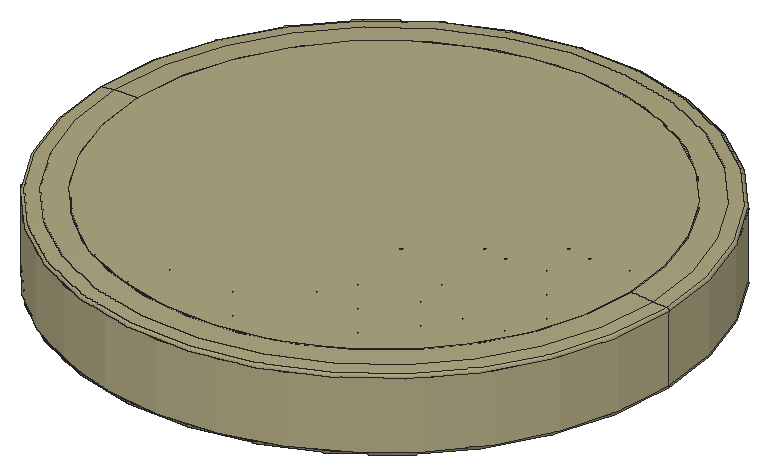
Revit family "Seat-Teknion-CQSCP_Routes_Halo_Cushion-R2020", category Furniture, Revit 2020
Family settings
  OmniClass Number = 23.40.20.00
  OmniClass Title = General Furniture and Specialties
  Work Plane-Based = No
  Always vertical = Yes
  Cut with Voids When Loaded = No
  Shared = Yes
  Room Calculation Point = No
Parameters (values of type "Halo Cushion")
  Warranty = "http://www.teknion.com/ca/papers/legal-canada"
  Unit Weight URL = "http://www.teknion.com/ca/tools/assets#&asset=bee6a381-b954-425e-8283-5a2de3a804f2,f828d448-4b62-4231-9e5f-9a8991c0ed77"
  URL = "www.teknion.com"
  To render please download texture images found here [instance] = "https://assets.teknion.com/web/5e81352c1dfdb467/revit-material-swatches/"
  Sustainability Data = "https://www.teknion.com/ca/tools/assets#&topic=216f99a5-57a0-44fc-b10a-9dee9b29ae4c&asset=444deb64-fe58-4b68-981e-f75e97781df7,b4ff2d81-9f2e-437d-9659-7cffb09c31cf"
  Series = "Routes"  # constant formula
  Seat Upholstery Finish [instance] = Fabric - Teknion - A118 - Arizona - Espresso
  Product Page URL = "https://www.teknion.com/ca/products/product-details?productLineId=70f0476f-8e7a-673b-a6c8-ff05004460c4"
  Product Line = "Halo Cushion"  # constant formula
  Product Documentation Link = "https://assets.teknion.com/m/5e50e041e7a36e5e/original/Routes-Brochure.pdf"
  Part Number = "CQSCP"  # constant formula
  Model = "CQSCP"  # constant formula
  Manufacturer Phone = "416-661-3370"  # constant formula
  Manufacturer Fax = "416.661.4586"  # constant formula
  Manufacturer Contact Information = "http://www.teknion.com/ca/contactus"
  Manufacturer Address = "1150 Flint Road, Toronto, ON. M3J 2J5. Canada"  # constant formula
  Manufacturer = "Teknion"  # constant formula
  How To Use Teknion Materials User Guide [instance] = "https://assets.teknion.com/m/205dd0a49fa58060/original/How-to-add-a-Material-Library-and-Texture-Images-to-your-Revit-project.pdf"
  For Additional Finishes please visit [instance] = "https://assets.teknion.com/m/44a8009b046e5d47/original/Teknion_Materials_Library.zip"
  Description = "Halo Cushion"
  Default Elevation = 0.000"
  Assembly Code = "E2020200"
Reference planes (in)
  plane 1 "Center Front/Back": y = -0.00028
  plane 2: z = 0
  plane 3 "Center Left/Right": x = 0
  plane 4 "Left": x = -7.5
  plane 5 "Right": x = 7.5
  plane 6 "Back": y = 7.49972
  plane 7 "Front": y = -7.50028
  plane 8 "Top": z = 19.445
Forms (in)
  Sweep 1, solid, material "Fabric - Teknion - A118 - Arizona - Espresso" <- "Seat Upholstery Finish"
    path origin (0, -0.00028, 0) x (1, 0, 0) y (0, 0, 1)
      loop
        line (0, 19.445) -> (0, 17.445)
    profile origin (0, -0.00028, 18.445) x (0, -1, 0) y (1, 0, 0)
      loop
        circle (0, 0) r 6.5
  Revolve 2, solid, material "Fabric - Teknion - A118 - Arizona - Espresso" <- "Seat Upholstery Finish"
    sketch origin (0, -0.00028, 0) x (1, 0, 0) y (0, 0, 1)
      loop
        line (0, 19.445) -> (0, 17.445) -> (6.5, 17.445)
        arc (6.5, 17.445) -> (6.8021, 17.45052) -> (7.10398, 17.46268) r 11.2557
        arc (7.10398, 17.46268) -> (7.26932, 17.47594) -> (7.43374, 17.4979) r 3.14635
        arc (7.43374, 17.4979) -> (7.48096, 17.5215) -> (7.5, 17.57073) r 0.07316
        line (7.5, 17.57073) -> (7.5, 19.32073)
        arc (7.5, 19.32073) -> (7.48096, 19.36996) -> (7.43374, 19.39356) r 0.07316
        arc (7.43374, 19.39356) -> (7.26932, 19.41552) -> (7.10398, 19.42878) r 3.14635
        arc (7.10398, 19.42878) -> (6.8021, 19.44095) -> (6.5, 19.445) r 11.2557
        line (6.5, 19.445) -> (0, 19.445)
      axis (0, 19.445) -> (0, 17.445)
    angle from 0 to 360
Lines and regions (in)
  Masking region 1
    outline origin (0, 0, 0) x (1, 0, 0) y (0, 1, 0)
      loop
        circle (0, -0.00028) r 7.5
  symbolic lines
    curve 1: arc (7.43374, -0.00028, 0) -> (0, -7.43402, 0) -> (-7.43374, -0.00028, 0) r 7.43374
    curve 2: arc (-7.43374, -0.00028, 0) -> (0, 7.43346, 0) -> (7.43374, -0.00028, 0) r 7.43374
    curve 3: arc (6.5, -0.00028, 0) -> (0, 6.49972, 0) -> (-6.5, -0.00028, 0) r 6.5
    curve 4: arc (-6.5, -0.00028, 0) -> (0, -6.50028, 0) -> (6.5, -0.00028, 0) r 6.5
  reference lines
    curve 5: line (-7.5, 7.49972, 0) -> (7.5, 7.49972, 0)
    curve 6: line (-7.5, 7.49972, 0) -> (-7.5, -7.50028, 0)
    curve 7: line (7.5, 7.49972, 0) -> (7.5, -7.50028, 0)
    curve 8: line (-7.5, -7.50028, 0) -> (7.5, -7.50028, 0)
Dimensions and locks (in)
  plane 4 "Left" to plane 5 "Right" = 15.000"
  plane 6 "Back" to plane 7 "Front" = 15.000"
  plane 8 "Top" to level = 19.445"
  equal spacing: plane 6 "Back", plane 1 "Center Front/Back", plane 7 "Front"
  equal spacing: plane 4 "Left", plane 3 "Center Left/Right", plane 5 "Right"
  aligned and locked: level to plane 2
  aligned and locked: curve 2 to Revolve 2
  aligned and locked: curve 3 to Sweep 1
  aligned and locked: curve 4 to Sweep 1
  aligned and locked: curve 5 to plane 6 "Back"
  aligned and locked: curve 6 to plane 4 "Left"
  aligned and locked: plane 5 "Right" to curve 7
  aligned and locked: curve 8 to plane 7 "Front"
Automatic sketch dimensions
  Sweep 1 sketch curve to plane 3 "Center Left/Right" = 0.000"
  Sweep 1 sketch curve to plane 8 "Top" = 0.000"
  Sweep 1 sketch curve to Sweep 1 sketch curve = 2.000"
  plane 1 "Center Front/Back" to Sweep 1 sketch curve = 0.000"
  Sweep 1 sketch curve to profile plane = 0.000"
  profile plane to Sweep 1 sketch curve = 6.500"
  Revolve 2 sketch curve to plane 3 "Center Left/Right" = 0.000"  (x2)
  Revolve 2 sketch curve to plane 8 "Top" = 0.000"  (x2)
  plane 5 "Right" to Revolve 2 sketch curve = 0.000"
  plane 5 "Right" to Revolve 2 sketch curve = 1.000"  (x2)
  plane 5 "Right" to Revolve 2 sketch curve = 0.56485"  (x2)
  plane 5 "Right" to Revolve 2 sketch curve = 0.07316"  (x2)
  Revolve 2 sketch curve to plane 8 "Top" = 0.12427"
  Revolve 2 sketch curve to Revolve 2 sketch curve = 1.750"
  Revolve 2 sketch curve to plane 8 "Top" = 2.000"
  Revolve 2 sketch curve to Revolve 2 sketch curve = 1.15804"
  Revolve 2 sketch curve to Revolve 2 sketch curve = 8.09766"  (x2)
  plane 8 "Top" to Revolve 2 sketch curve = 1.1595"
  Revolve 2 sketch curve to Revolve 2 sketch curve = 0.000"  (x4)
  Revolve 2 sketch curve to Revolve 2 sketch curve = 0.32286"
  Masking region 1 sketch curve to plane 1 "Center Front/Back" = 0.000"
  Masking region 1 sketch curve to plane 4 "Left" = 0.000"
  Masking region 1 sketch curve to plane 3 "Center Left/Right" = 0.000"
Nested families (in)
  nested 1: "Teknion_2D_Node_Family-R2020" at (0, -0.00028, 0), type "Teknion_2D_Node_Family-R2020"
Definition of nested family "Teknion_2D_Node_Family-R2020"
  Reference planes (in)
    plane 1 "Center (Front/Back)": y = 0
    plane 2: z = 0
    plane 3 "Center (Left/Right)": x = 0
  Lines and regions (in)
    detail lines, in view "Ref. Level"
      curve 1: circle (0, 0, 0) r 1.25 normal (0, 0, 1)
      curve 2: line (1.91508, -1.91508, 0) -> (-1.91508, 1.91508, 0)
      curve 3: line (-1.91508, -1.91508, 0) -> (1.91508, 1.91508, 0)
